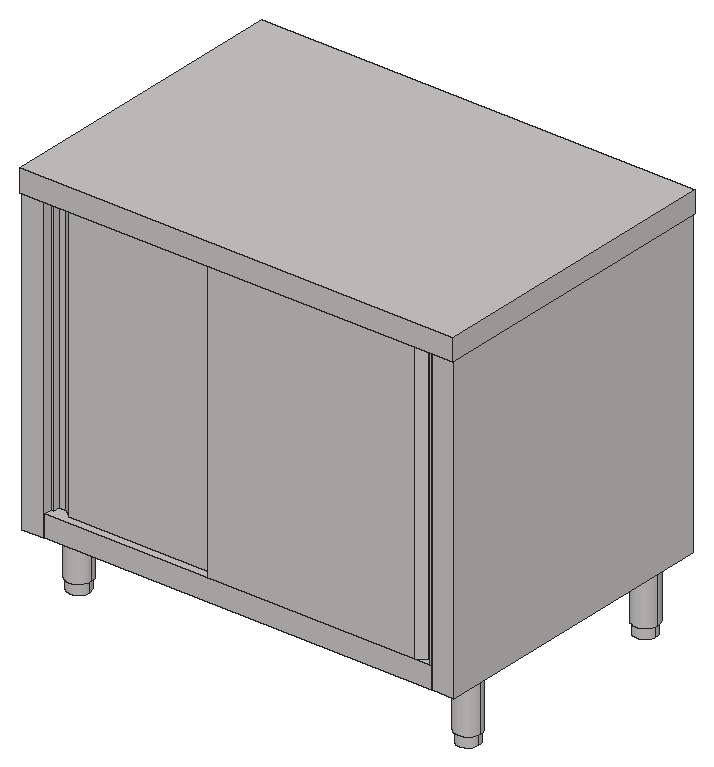
Revit family "QF_ZANUSSI_132856_MS1007N", category Attrezzature speciali, Revit 2020
Family settings
  Quota connettore circolare = Usa diametro
  Tipo di parte = Normale
  Basato su piano di lavoro = No
  Sempre verticale = Sì
  Taglio con vuoti quando caricato = No
  Condiviso = No
  Punto di calcolo locali = No
Parameters (values of type "Standard")
  Weight = 50.00 kg
  Watts = 0 W
  Volts = 0 V
  URL Manufacturer = "http://www.zanussiprofessional.com"
  URL = "http://www.zanussiprofessional.com"
  Steam Supply Size = 0 mm
  Steam Supply Minimum Pressure = 0.0 Pa
  Steam Supply Maximum Pressure = 0.0 Pa
  Steam Consumption per Hour = 0
  Refrigeration Suction Line Size = 0.0 mm
  Refrigeration Liquid Line Size = 0.0 mm
  Refrigerant Compressor Remote = yes
  Prospetto di default = 0.0 mm
  Produttore = "Zanussi"
  Phase = 0
  Modello = "MS1007N"
  Length Actual = 1000.0 mm  # constant formula
  Item Number = "132856"
  Hot Water Size = 0 mm
  Height Actual = 900.0 mm  # constant formula
  HP = "0 HP"
  Gas Size = 0 mm
  Gas KW = 0
  Gas Input Pressure = 0 W
  Direct Waste Size = 0 mm
  Descrizione = "WORKTOP CUPBOARD 1000MM"
  Depth Actual = 700.0 mm  # constant formula
  Cycle = 0 Hz
  Condensate Return Size = 0 mm
  Compressed Air Volume = 0.0 L/s
  Compressed Air Size = 0 mm
  Compressed Air Pressure = 0.0 Pa
  Cold Water Size = 0 mm
  Accessory = yes
Reference planes
  plane 1 "Center (Front/Back)": y = 0
  plane 2: z = 0
  plane 3 "Center (Left/Right)": x = 0
  plane 4 "LEFT": x = -500
  plane 5 "RIGHT": x = 500
  plane 6 "BACK": y = 350
  plane 7 "FRONT": y = -350
  plane 8 "Base": z = 850
  plane 9 "TOP": z = 900
  plane 10: x = -450
  plane 11: x = 450
  plane 12: y = 270
  plane 13: y = -241.9
  plane 14 "BodyLeft": x = -499
  plane 15 "BodyFront": y = -344.5
  plane 16 "BodyRight": x = 499
  plane 17 "BodyBack": y = 344.5
  plane 18 "FEET": z = 150
  plane 19: x = 70
  plane 20: x = -70
Forms (mm)
  Extrusion 1, solid, material "QF_Finishes_Stainless Steel"
    sketch origin (0, 0, 0) x (0, 1, 0) y (0, 0, 1)
      loop
        line (-350, 850) -> (350, 850) -> (350, 900) -> (-350, 900) -> (-350, 850)
    from 500 to -500
  Extrusion 2, solid, material "QF_Finishes_Stainless Steel"
    sketch origin (0, 0, 150) x (-1, 0, 0) y (0, -1, 0)
      loop
        line (499, -344.5) -> (499, 344.5) -> (449, 344.5) -> (449, -344.5) -> (499, -344.5)
      loop
        line (-449, -344.5) -> (-449, 344.5) -> (-499, 344.5) -> (-499, -344.5) -> (-449, -344.5)
    from 0 to 700
  Extrusion 3, solid, material "QF_Finishes_Stainless Steel"
    sketch origin (0, 0, 150) x (-1, 0, 0) y (0, -1, 0)
      loop
        line (446.685, -344.5) -> (446.685, 344.5) -> (-447.6, 344.5) -> (-447.6, -344.5) -> (446.685, -344.5)
    from 0 to 50
  Extrusion 4, solid, material "QF_Finishes_Stainless Steel"
    sketch origin (0, 0, 150) x (-1, 0, 0) y (0, -1, 0)
      loop
        line (446.685, -344.5) -> (446.685, -294.5) -> (-447.6, -294.5) -> (-447.6, -344.5) -> (446.685, -344.5)
    from 50 to 700
  Extrusion 5, solid, material "QF_Finishes_Stainless Steel"
    sketch origin (0, 0, 150) x (-1, 0, 0) y (0, -1, 0)
      loop
        line (-447.6, 344.5) -> (-447.6, 324.5) -> (70, 324.5) -> (70, 344.5) -> (-407.6, 344.5) -> (-427.6, 329.5) -> (-442.6, 329.5) -> (-442.6, 344.5) -> (-447.6, 344.5)
    from 50 to 700
  Extrusion 6, solid, material "QF_Finishes_Stainless Steel"
    sketch origin (0, 20, 150) x (1, 0, 0) y (0, 1, 0)
      loop
        line (-447.6, -344.5) -> (-442.6, -344.5) -> (-442.6, -329.5) -> (-427.6, -329.5) -> (-407.6, -344.5) -> (70, -344.5) -> (70, -324.5) -> (-447.6, -324.5) -> (-447.6, -344.5)
    from 50 to 700
Lines and regions (mm)
  symbolic lines
    curve 1: line (500, 350, 900) -> (-500, 350, 900)
    curve 2: line (-500, 350, 900) -> (-500, -350, 900)
    curve 3: line (-500, -350, 900) -> (500, -350, 900)
    curve 4: line (500, -350, 900) -> (500, 350, 900)
  symbolic lines, style "SpecialityEquipmentHiddenLines"
    curve 5: line (-499, 344.5, 150) -> (499, 344.5, 150)
    curve 6: line (-499, -344.5, 150) -> (-499, 344.5, 150)
    curve 7: line (499, -344.5, 150) -> (-499, -344.5, 150)
    curve 8: line (499, 344.5, 150) -> (499, -344.5, 150)
    curve 9: line (-447.6, -304.5, 150) -> (70, -304.5, 150)
    curve 10: line (70, -304.5, 150) -> (70, -324.5, 150)
    curve 11: line (-447.6, -324.5, 150) -> (447.6, -324.5, 150)
    curve 12: line (447.6, -324.5, 150) -> (447.6, -344.5, 150)
    curve 13: line (-70, -324.5, 150) -> (-70, -344.5, 150)
    curve 14: line (-447.6, -304.5, 150) -> (-447.6, -324.5, 150)
Dimensions and locks
  plane 4 "LEFT" to plane 5 "RIGHT" = 1000.0 mm
  equal spacing: plane 4 "LEFT", plane 3 "Center (Left/Right)", plane 5 "RIGHT"
  locked: plane 8 "Base" to level at 850
  plane 9 "TOP" to level = 900.0 mm
  plane 6 "BACK" to plane 7 "FRONT" = 700.0 mm
  equal spacing: plane 6 "BACK", plane 1 "Center (Front/Back)", plane 7 "FRONT"
  locked: plane 4 "LEFT" to plane 14 "BodyLeft" at 1
  locked: plane 16 "BodyRight" to plane 5 "RIGHT" at 1
  locked: plane 15 "BodyFront" to plane 7 "FRONT" at 5.5
  locked: plane 6 "BACK" to plane 17 "BodyBack" at 5.5
  locked: plane 14 "BodyLeft" to plane 10 at 49
  locked: plane 11 to plane 16 "BodyRight" at 49
  locked: plane 13 to plane 15 "BodyFront" at 102.6
  locked: plane 17 "BodyBack" to plane 12 at 74.5
  plane 10 to plane 11 = 900.0 mm
  plane 12 to plane 13 = 511.9 mm
  locked: plane 14 "BodyLeft" to Extrusion 2 sketch curve at 50
  locked: Extrusion 2 sketch curve to Extrusion 2 sketch curve at 50
  Extrusion 3 to Extrusion 4 sketch curve = 50.0 mm
  locked: plane 3 "Center (Left/Right)" to plane 19 at 70
  locked: plane 20 to plane 3 "Center (Left/Right)" at 70
  locked: plane 18 "FEET" to level at 150
  aligned and locked: level to plane 2
  aligned and locked: plane 10 to nested 1
  aligned and locked: nested 1 to plane 13
  aligned and locked: plane 11 to nested 2
  aligned and locked: nested 2 to plane 13
  aligned and locked: plane 11 to nested 4
  aligned and locked: nested 4 to plane 12
  aligned and locked: plane 10 to nested 3
  aligned and locked: nested 3 to plane 12
  aligned and locked: Extrusion 1 to plane 4 "LEFT"
  aligned and locked: plane 5 "RIGHT" to Extrusion 1
  aligned and locked: curve 2 to plane 4 "LEFT"
  aligned and locked: plane 17 "BodyBack" to Extrusion 2 sketch curve
  aligned and locked: Extrusion 2 sketch curve to plane 15 "BodyFront"
  aligned and locked: Extrusion 2 sketch curve to plane 14 "BodyLeft"
  aligned and locked: plane 16 "BodyRight" to Extrusion 2 sketch curve
  aligned and locked: Extrusion 2 sketch curve to plane 17 "BodyBack"
  aligned and locked: plane 15 "BodyFront" to Extrusion 2 sketch curve
  aligned and locked: Extrusion 3 sketch curve to plane 17 "BodyBack"
  aligned and locked: plane 15 "BodyFront" to Extrusion 3 sketch curve
  aligned and locked: plane 8 "Base" to Extrusion 2
  aligned and locked: Extrusion 4 sketch curve to Extrusion 3
  aligned and locked: plane 8 "Base" to Extrusion 5
  aligned and locked: Extrusion 5 to Extrusion 3
  aligned and locked: Extrusion 6 sketch curve to plane 19
  aligned and locked: Extrusion 5 sketch curve to plane 20
  aligned and locked: Extrusion 1 to plane 8 "Base"
  aligned and locked: plane 9 "TOP" to Extrusion 1
  aligned and locked: curve 5 to plane 17 "BodyBack"
  aligned and locked: plane 14 "BodyLeft" to curve 6
  aligned and locked: plane 15 "BodyFront" to curve 7
  aligned and locked: plane 16 "BodyRight" to curve 8
Automatic sketch dimensions
  curve 3 to plane 7 "FRONT" = 0.0 mm
  curve 4 to plane 6 "BACK" = 0.0 mm
  Extrusion 1 sketch curve to plane 7 "FRONT" = 0.0 mm
  plane 9 "TOP" to Extrusion 1 sketch curve = 0.0 mm
  Extrusion 1 sketch curve to plane 6 "BACK" = 0.0 mm
  Extrusion 1 sketch curve to plane 8 "Base" = 0.0 mm
  Extrusion 5 sketch curve to plane 15 "BodyFront" = 0.0 mm  (x2)
  Extrusion 5 sketch curve to plane 11 = 2.4 mm
  Extrusion 5 sketch curve to Extrusion 5 sketch curve = 5.0 mm
  Extrusion 5 sketch curve to Extrusion 5 sketch curve = 15.0 mm
  Extrusion 5 sketch curve to Extrusion 5 sketch curve = 20.0 mm
  plane 15 "BodyFront" to Extrusion 5 sketch curve = 15.0 mm
  plane 15 "BodyFront" to Extrusion 5 sketch curve = 20.0 mm
  Extrusion 6 sketch curve to plane 15 "BodyFront" = 20.0 mm  (x2)
  Extrusion 6 sketch curve to plane 10 = 2.4 mm
  Extrusion 6 sketch curve to Extrusion 6 sketch curve = 5.0 mm
  Extrusion 6 sketch curve to Extrusion 6 sketch curve = 15.0 mm
  Extrusion 6 sketch curve to Extrusion 6 sketch curve = 20.0 mm  (x2)
  Extrusion 6 sketch curve to plane 15 "BodyFront" = 35.0 mm
  Extrusion 3 sketch curve to plane 11 = 2.4 mm
  plane 10 to Extrusion 3 sketch curve = 3.315 mm
  Extrusion 4 sketch curve to plane 11 = 2.4 mm
  plane 10 to Extrusion 4 sketch curve = 3.315 mm
  curve 10 to plane 19 = 0.0 mm
  curve 13 to plane 20 = 0.0 mm
  curve 11 to plane 11 = 2.4 mm
  plane 15 "BodyFront" to curve 9 = 40.0 mm
  curve 12 to curve 12 = 20.0 mm
  plane 10 to curve 14 = 2.4 mm
  curve 4 to plane 5 "RIGHT" = 0.0 mm
Nested families
  nested 1: "FEET_D58-150" at (-450, -241.9, 0), type "FEET_D58-150"
  nested 2: "FEET_D58-150" at (450, -241.9, 0), type "FEET_D58-150"
  nested 3: "FEET_D58-150" at (-450, 270, 0), type "FEET_D58-150"
  nested 4: "FEET_D58-150" at (450, 270, 0), type "FEET_D58-150"
Definition of nested family "FEET_D58-150"
  Parameters
    Default Elevation = 0.0 mm
    FEET = 150.0 mm
  Reference planes
    plane 1 "Center (Front/Back)": y = 0
    plane 2: z = 0
    plane 3 "Center (Left/Right)": x = 0
    plane 4: z = 150
  Forms (mm)
    Extrusion 1, solid
      sketch origin (0, 0, 0) x (1, 0, 0) y (0, 1, 0)
        loop
          circle (0, 0) r 25
      from 0 to 25
    Extrusion 2, solid
      sketch origin (0, 0, 0) x (1, 0, 0) y (0, 1, 0)
        loop
          circle (0.061, 0) r 29
      from 25 to 150 <- "FEET"
  Lines and regions (mm)
    symbolic lines
      curve 1: line (0, -1.503, 0) -> (0, 1.508, 0)
      curve 2: line (1.561, 0, 0) -> (-1.439, 0, 0)
  Dimensions and locks
    "FEET": plane 4 to plane 2
    aligned and locked: level to plane 2
  Automatic sketch dimensions
    plane 1 "Center (Front/Back)" to Extrusion 1 sketch curve = 0.0 mm
    Extrusion 1 sketch curve to plane 3 "Center (Left/Right)" = 0.0 mm
    plane 1 "Center (Front/Back)" to curve 2 = 0.0 mm
    curve 1 to plane 3 "Center (Left/Right)" = 0.0 mm
    curve 2 to plane 3 "Center (Left/Right)" = 1.439 mm
    plane 3 "Center (Left/Right)" to curve 2 = 1.561 mm
    plane 1 "Center (Front/Back)" to curve 1 = 1.503 mm
    curve 1 to plane 1 "Center (Front/Back)" = 1.508 mm
    plane 1 "Center (Front/Back)" to Extrusion 2 sketch curve = 0.0 mm
    plane 3 "Center (Left/Right)" to Extrusion 2 sketch curve = 0.061 mm
    radius of Extrusion 1 sketch curve = 25.0 mm
    radius of Extrusion 2 sketch curve = 29.0 mm
